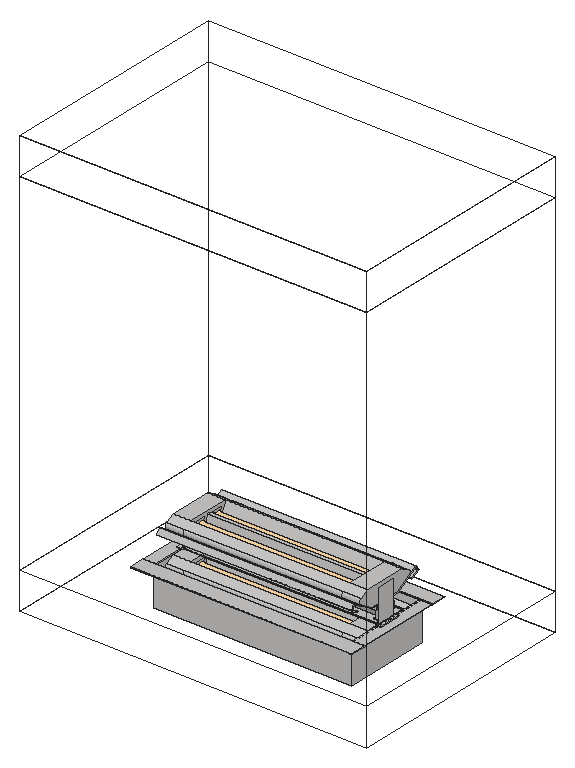
Revit family "Heater-BERKO-VRP_VRS_Series_Infrared", category Mechanical Equipment, host Face, Revit 2020 (continued)
Definition of nested family "Infrared_Heater-QMark-3_Element-Nested"
  Automatic sketch dimensions
    Extrusion 18 sketch curve to Extrusion 18 sketch curve = 0' - 2.31946"
    Extrusion 18 sketch curve to Extrusion 18 sketch curve = 0' - 3.14585"
    plane 10 to Extrusion 18 sketch curve = 0' - 4.4335"
    Extrusion 18 sketch curve to Extrusion 18 sketch curve = 0' - 0.8264"
    Extrusion 18 sketch curve to plane 6 = 0' - 3.5104"
    Extrusion 18 sketch curve to plane 8 = 0' - 2.75795"
    Extrusion 18 sketch curve to Extrusion 18 sketch curve = 0' - 1.36428"  (x2)
    Extrusion 18 sketch curve to Extrusion 18 sketch curve = 0' - 1.89022"
    Extrusion 19 sketch curve to plane 5 = 0' - 3 11/16"  (x2)
    Extrusion 19 sketch curve to plane 9 = 0' - 0.73336"
    Extrusion 19 sketch curve to Extrusion 19 sketch curve = 0' - 0"  (x2)
    Extrusion 19 sketch curve to plane 4 = 0' - 3 11/16"  (x2)
    plane 9 to Extrusion 19 sketch curve = 0' - 0.95993"
    Extrusion 19 sketch curve to Extrusion 19 sketch curve = 0' - 4.29997"  (x2)
    Extrusion 19 sketch curve to plane 10 = 0' - 0.04007"
    plane 10 to Extrusion 19 sketch curve = 0' - 0.95993"
    Extrusion 20 sketch curve to plane 7 = 0' - 1.52581"
    Extrusion 20 sketch curve to Extrusion 20 sketch curve = 0' - 0.06438"  (x2)
    plane 10 to Extrusion 20 sketch curve = 0' - 4.64975"
    Extrusion 20 sketch curve to plane 6 = 0' - 1.59019"
    level to Extrusion 20 sketch curve = 0' - 4.50808"
    Extrusion 20 sketch curve to plane 8 = 0' - 1.84125"  (x2)
    Extrusion 20 sketch curve to Extrusion 20 sketch curve = 0' - 0.03467"
    level to Extrusion 20 sketch curve = 0' - 4.38308"
    radius of Extrusion 10 sketch curve = 0' - 0 3/4"  (x2)
    radius of Extrusion 16 sketch curve = 0' - 1"  (x3)
Types (12): name | Width | Recessed Trim Mounting 3 Elements | Recessed Trim Mounting 2 Elements | Model | Length | Height | Elements Type | C_ 3 Element Recessed Trim Kit | C_ 2 Element Recessed Trim Kit | Bulb Quantity | Adjustable Tilt Mounting Bracket 3 Elements | Adjustable Tilt Mounting Bracket 2 Elements | C_ 3 Element Type | C_ 2 Element Type
  VRP2 - 2 Bulbs - 017 kW - 208 V | 1' - 7 7/8" | no | yes | "VRP2" | 2' - 0 3/8" | 0' - 8 17/32" | "2 Elements" | no | yes | 2 | no | yes | no | yes
  VRP3 - 2 Bulbs - 017 kW - 208 V | 1' - 7 7/8" | no | yes | "VRP3" | 2' - 9 3/8" | 0' - 8 17/32" | "2 Elements" | no | yes | 2 | no | yes | no | yes
  VRP4 - 2 Bulbs - 017 kW - 208 V | 1' - 7 7/8" | no | yes | "VRP4" | 3' - 10 3/8" | 0' - 8 17/32" | "2 Elements" | no | yes | 2 | no | yes | no | yes
  VRS2 - 2 Bulbs - 017 kW - 208 V | 1' - 7 7/8" | no | yes | "VRS2" | 2' - 0 3/8" | 0' - 8 17/32" | "2 Elements" | no | yes | 2 | no | yes | no | yes
  VRS3 - 2 Bulbs - 017 kW - 208 V | 1' - 7 7/8" | no | yes | "VRS3" | 2' - 9 3/8" | 0' - 8 17/32" | "2 Elements" | no | yes | 2 | no | yes | no | yes
  VRS4 - 2 Bulbs - 017 kW - 208 V | 1' - 7 7/8" | no | yes | "VRS4" | 3' - 10 3/8" | 0' - 8 17/32" | "2 Elements" | no | yes | 2 | no | yes | no | yes
  VRP2 - 3 Bulbs - 017 kW - 208 V | 2' - 2 5/16" | yes | no | "VRP2" | 2' - 0 3/8" | 0' - 9 5/32" | "3 Elements" | yes | no | 3 | yes | no | yes | no
  VRP3 - 3 Bulbs - 017 kW - 208 V | 2' - 2 5/16" | yes | no | "VRP3" | 2' - 9 3/8" | 0' - 9 5/32" | "3 Elements" | yes | no | 3 | yes | no | yes | no
  VRP4 - 3 Bulbs - 017 kW - 208 V | 2' - 2 5/16" | yes | no | "VRP4" | 3' - 10 3/8" | 0' - 9 5/32" | "3 Elements" | yes | no | 3 | yes | no | yes | no
  VRS2 - 3 Bulbs - 017 kW - 208 V | 2' - 2 5/16" | yes | no | "VRS2" | 2' - 0 3/8" | 0' - 9 5/32" | "3 Elements" | yes | no | 3 | yes | no | yes | no
  VRS3 - 3 Bulbs - 017 kW - 208 V | 2' - 2 5/16" | yes | no | "VRS3" | 2' - 9 3/8" | 0' - 9 5/32" | "3 Elements" | yes | no | 3 | yes | no | yes | no
  VRS4 - 3 Bulbs - 017 kW - 208 V | 2' - 2 5/16" | yes | no | "VRS4" | 3' - 10 3/8" | 0' - 9 5/32" | "3 Elements" | yes | no | 3 | yes | no | yes | no
